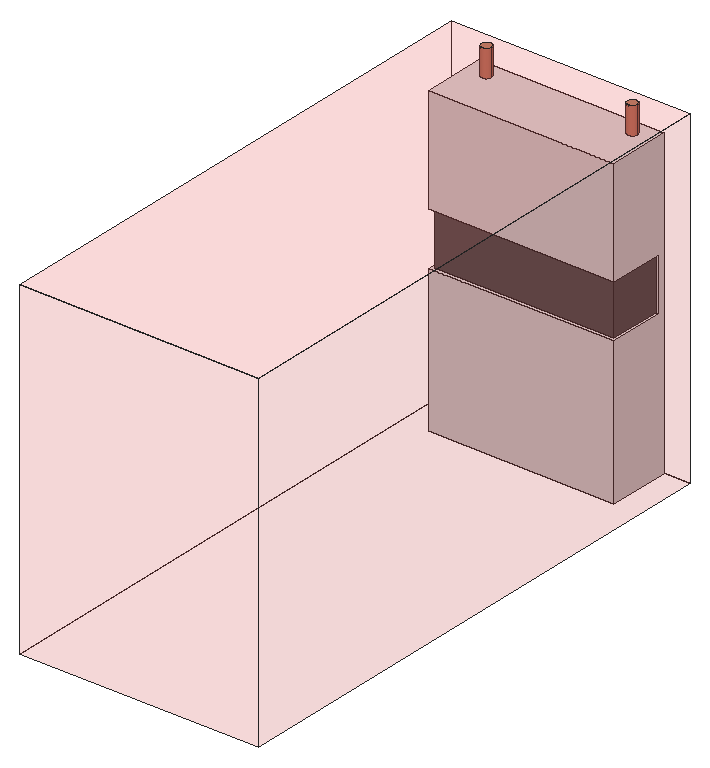
Revit family
Parameters (values of type "HL050/280D")
  Width = 14.000"  # constant formula
  Wattage = 5000 W
  Warranty Information = "One Year"
  Voltage = 208 V
  Version = "1.0"
  URL = "http://www.bradleycorp.com/keltech"
  Technical Data = "n/a"
  Power Factor = 0
  Pipe Material = Metal - Bradley Corp - Copper
  Phase = 1
  PTFE Coating TE2 [instance] = no
  NEMA 4X N4X [instance] = no
  Finished Floor Offset [instance] = 60.000"
  NEMA 4X Explosion Proof N4X EXP2 [instance] = no
  NEMA 4 N4 [instance] = not(or(NEMA 4X N4X, NEMA 4X Explosion Proof N4X EXP2))  # yes
  NEMA 4 Explosion Proof N4 EXP2 [instance] = no
  Model = "C2N183/480D"
  MasterFormat Title = "Instantaneous Electric Eyewash Heaters"
  MasterFormat Number = "22.45.26"
  Manufacturer = "Keltech Inc. a Subsidiary of Bradley Corp"
  Industry Standards = "CSA"
  Hot Water Outlet Radius = Hot Water Outlet Diameter / 2  # 0.375"
  Number of Poles = 1
  Length = 23.000"
  Clearance Space [instance] = yes
  CTRL Width = 14.000"  # constant formula
  CTRL NEMA 4X N4X [instance] = or(NEMA 4X N4X, NEMA 4X Explosion Proof N4X EXP2)  # no
  CTRL Inlet Top Inset = 26.000"
  Hot Water Outlet Diameter = 3/4"
  Hot Water Connector Description = "Hot Water"  # constant formula
  Fire Rating = "n/a"
  Description = "One Phase 18 kW, 480V"
  Copyright = "This Model Data is Property of Bradley Corporation"
  Complies to NAFTA = "n/a"
  Cold Water Inlet Radius = Cold Water Inlet / 2  # 0.375"
  Housing Material = Metal - Painted - Bradley Corp - Grey
  Electrical Connector Front Inset [instance] = 1.500"  # constant formula
  Electrical Connector Right Inset [instance] = 1.300"  # constant formula
  Electrical Connector Description = "Power"  # constant formula
  Depth = 4.700"  # constant formula
  Current = 25 A
  Cold Water Inlet = 3/4"
  Cold Water Connector Description = "Cold Water"  # constant formula
  CTRL Cabinet Height = 22.500"
  CTRL Offset [instance] = Finished Floor Offset  # 60.000"
  Buy American Act = "To Be Determined"
  Assembly Description = "Tankless Water Heater"
  Assembly Code = "D2020200"
  Apparent Load = 0 VA
  Actual Heating Water Flow = 0 GPM
  Actual Chilled Water Flow = 0 GPM
  4 20mA Imput D1 [instance] = no
  .25 GPM Low FLow L25 [instance] = no
  .15 GPM Low FLow L15 [instance] = no
Reference planes (in)
  plane 1 "Center (Front/Back)": y = 0
  plane 2 "Original Bottom": z = 0
  plane 3 "Center (Left/Right)": x = 0
  plane 4 "Left": x = -7
  plane 5 "Right": x = 7
  plane 6 "Back": y = 2.35
  plane 7 "Front": y = -2.35
  plane 8 "Top": z = 60
  plane 9 "Bottom of Basse": z = 37
  plane 10 "Back of Door": y = 1.85
  plane 11 "Outlet Front / Back": y = 1.25
  plane 12 "Outlet Left / Right": x = -5.5
  plane 13 "Inlet Front Back": y = 1.25
  plane 14 "Electrical Connector Left Right": x = 5.7
  plane 15 "NPT Inlet": x = 5.5
  plane 16 "Top of Control Panel": z = 52
  plane 17 "Bottom of Control Panel": z = 48
  plane 18 "Left of Control Panel": x = -5
  plane 19 "Right of Control Panel": x = 1.466
  plane 20 "Left of Void": x = -6.5
  plane 21 "Front of Void": y = -1.85
  plane 22 "Right of Void": x = 6.5
  plane 23 "Clerance Left": x = -9
  plane 24 "Clerance Rgiht": x = 9
  plane 25 "Clerance Front": y = -38.35
  plane 26 "Clerance Back": y = 2.35
  plane 27 "Clerance Top": z = 62
  plane 28 "Electrical Connector Front Back": y = -0.85
Forms (in)
  Extrusion 1, solid, material "Metal - Bradley Corp - Copper" <- "Pipe Material", detail levels fine
    sketch origin (0, 0, 0) x (1, 0, 0) y (0, 1, 0)
      loop
        circle (-5.5, 1.25) r 0.375
    from 60 to 62.00036
  Sweep 2, solid, material "Metal - Bradley Corp - Stainless Steel-Satin", visible <- "CTRL NEMA 4X N4X"
    path origin (0, 0, 0) x (1, 0, 0) y (0, 1, 0)
      loop
        line (0, 2.35) -> (0, -2.35)
    profile origin (0, 0, 0) x (1, 0, 0) y (0, 0, 1)
      loop
        line (7, 60) -> (-7, 60) -> (-7, 37) -> (7, 37) -> (7, 60)
  Extrusion 3, solid, material "Metal - Bradley Corp - Copper" <- "Pipe Material", detail levels fine
    sketch origin (0, 0, 0) x (1, 0, 0) y (0, 1, 0)
      loop
        circle (5.5, 1.25) r 0.375
    from 60 to 62.00036
  Extrusion 4, solid, material "Metal - Painted - Bradley Corp - White", visible <- "NEMA 4 N4"
    sketch origin (0, 0, 0) x (1, 0, 0) y (0, 1, 0)
      loop
        line (7, 2.35) -> (-7, 2.35) -> (-7, -2.35) -> (7, -2.35) -> (7, 2.35)
    from 37 to 60
  Extrusion 5, solid, material "Plastic - Bradley Corp - Black", detail levels fine
    sketch origin (0, 0, 0) x (1, 0, 0) y (0, 1, 0)
      loop
        line (-6.75, 1.85) -> (-6.75, -2.1) -> (6.75, -2.1) -> (6.75, 1.85) -> (6.5, 1.85) -> (6.5, -1.85) -> (-6.5, -1.85) -> (-6.5, 1.85) -> (-6.75, 1.85)
    from 48 to 52
  Extrusion 6, void
    sketch origin (0, 0, 0) x (1, 0, 0) y (0, 1, 0)
      loop
        line (-7, 1.85) -> (-7, -2.35) -> (7, -2.35) -> (7, 1.85) -> (6.5, 1.85) -> (6.5, -1.85) -> (-6.5, -1.85) -> (-6.5, 1.85) -> (-7, 1.85)
    from 48 to 52
  Extrusion 7, solid, material "Clearance Space", visible <- "Clearance Space"
    sketch origin (0, 0, 0) x (1, 0, 0) y (0, 1, 0)
      loop
        line (9, 2.35) -> (-9, 2.35) -> (-9, -38.35) -> (9, -38.35) -> (9, 2.35)
    from 37 to 62
  Extrusion 8, solid, material "Metal - Bradley Corp - Copper", not visible
    sketch origin (0, 0, 0) x (1, 0, 0) y (0, 1, 0)
      loop
        circle (5.7, -0.85) r 0.65
    from 37 to 37.96261
Cuts and joins
  Extrusion 6 cuts Extrusion 4
  Extrusion 6 cuts Sweep 2
Lines and regions (in)
  Masking region 1
    outline origin (0, 0, 60) x (-1, 0, 0) y (0, -1, 0)
      loop
        line (-7, -2.35) -> (7, -2.35) -> (7, 2.35) -> (-7, 2.35) -> (-7, -2.35)
  Masking region 2
    outline origin (0, -2.35, 0) x (-1, 0, 0) y (0, 0, 1)
      loop
        line (-7, 60) -> (-7, 37) -> (7, 37) -> (7, 60) -> (-7, 60)
  Masking region 3, detail levels coarse+medium
    outline origin (0, 0, 0) x (0, 1, 0) y (0, 0, 1)
      loop
        line (2.35, 60) -> (-2.35, 60) -> (-2.35, 37) -> (2.35, 37) -> (2.35, 60)
  Masking region 4, detail levels fine
    outline origin (0, 0, 0) x (0, 1, 0) y (0, 0, 1)
      loop
        line (2.35, 60) -> (-2.35, 60) -> (-2.35, 52) -> (-2.1, 52) -> (-2.1, 48) -> (-2.35, 48) -> (-2.35, 37) -> (2.35, 37) -> (2.35, 60)
  Masking region 5, detail levels fine
    outline origin (0, 0, 0) x (0, 1, 0) y (0, 0, 1)
      loop
        line (1.625, 62.00036) -> (0.875, 62.00036) -> (0.875, 60) -> (1.625, 60) -> (1.625, 62.00036)
  Masking region 6, detail levels fine
    outline origin (0, -2.35, 0) x (-1, 0, 0) y (0, 0, 1)
      loop
        line (5.125, 62.00036) -> (5.125, 60) -> (5.875, 60) -> (5.875, 62.00036) -> (5.125, 62.00036)
      loop
        line (-5.875, 62.00036) -> (-5.875, 60) -> (-5.125, 60) -> (-5.125, 62.00036) -> (-5.875, 62.00036)
  Masking region 7, detail levels fine
    outline origin (0, -2.35, 0) x (-1, 0, 0) y (0, 0, 1)
      loop
        line (5.125, 62.00036) -> (5.125, 60) -> (5.875, 60) -> (5.875, 62.00036) -> (5.125, 62.00036)
      loop
        line (-5.875, 62.00036) -> (-5.875, 60) -> (-5.125, 60) -> (-5.125, 62.00036) -> (-5.875, 62.00036)
  model lines, style "Water Heater", detail levels fine
    curve 1: line (-7, 1.85, 60) -> (7, 1.85, 60)
    curve 2: line (-7, 1.85, 60) -> (-7, 1.85, 37)
    curve 3: line (7, 1.85, 60) -> (7, 1.85, 37)
  symbolic lines, style "Water Heater", detail levels fine
    curve 4: circle (-5.5, 1.25, 60) r 0.375 normal (0, 0, 1)
    curve 5: circle (5.5, 1.25, 60) r 0.375 normal (0, 0, 1)
    curve 6: line (-7, -2.35, 48) -> (7, -2.35, 48)
    curve 7: line (7, -2.35, 52) -> (-7, -2.35, 52)
    curve 8: line (0, 1.85, 52) -> (0, -2.35, 52)
    curve 9: line (0, -2.35, 48) -> (0, 1.85, 48)
    curve 10: line (0, 1.85, 48) -> (0, 1.85, 52)
  model lines, style "Water Heater", detail levels coarse+medium
    curve 11: line (5.5, 1.25, 60) -> (5.5, 1.25, 62.00036)
    curve 12: line (-5.5, 1.25, 60) -> (-5.5, 1.25, 62.00036)
  symbolic lines, style "Clearance Space", visible <- "Clearance Space"
    curve 13: line (9, -2.35, 62) -> (-9, -2.35, 62)
    curve 14: line (9, -2.35, 37) -> (9, -2.35, 62)
    curve 15: line (-9, -2.35, 37) -> (9, -2.35, 37)
    curve 16: line (-9, -2.35, 62) -> (-9, -2.35, 37)
    curve 17: line (0, 2.35, 62) -> (0, -38.35, 62)
    curve 18: line (0, 2.35, 37) -> (0, 2.35, 62)
    curve 19: line (0, -38.35, 37) -> (0, 2.35, 37)
    curve 20: line (0, -38.35, 62) -> (0, -38.35, 37)
    curve 21: line (9, 2.35, 0) -> (-9, 2.35, 0)
    curve 22: line (9, -38.35, 0) -> (9, 2.35, 0)
    curve 23: line (-9, -38.35, 0) -> (9, -38.35, 0)
    curve 24: line (-9, 2.35, 0) -> (-9, -38.35, 0)
Dimensions and locks (in)
  equal spacing: plane 4 "Left", plane 3 "Center (Left/Right)", plane 5 "Right"
  "CTRL Width": plane 4 "Left" to plane 5 "Right"
  "Depth": plane 6 "Back" to plane 7 "Front"
  locked: plane 6 "Back" to plane 11 "Outlet Front / Back" at 1.1
  locked: Extrusion 1 to plane 8 "Top" at 2.00036
  "Electrical Connector Right Inset": plane 14 "Electrical Connector Left Right" to plane 5 "Right"
  "Length": plane 8 "Top" to plane 9 "Bottom of Basse"
  equal spacing: plane 7 "Front", plane 1 "Center (Front/Back)", plane 6 "Back"
  plane 4 "Left" to plane 18 "Left of Control Panel" = 2.000"
  locked: plane 18 "Left of Control Panel" to plane 19 "Right of Control Panel" at 6.466
  locked: plane 16 "Top of Control Panel" to plane 17 "Bottom of Control Panel" at 4
  locked: plane 8 "Top" to plane 16 "Top of Control Panel" at 8
  "Finished Floor Offset": plane 8 "Top" to plane 2 "Original Bottom"
  equal spacing: plane 12 "Outlet Left / Right", plane 3 "Center (Left/Right)", plane 15 "NPT Inlet"
  locked: plane 12 "Outlet Left / Right" to plane 15 "NPT Inlet" at 11
  locked: Extrusion 3 to plane 8 "Top" at 2.00036
  locked: plane 6 "Back" to plane 13 "Inlet Front Back" at 1.1
  plane 6 "Back" to plane 10 "Back of Door" = 0.500"
  locked: plane 4 "Left" to plane 20 "Left of Void" at 0.5
  locked: plane 22 "Right of Void" to plane 5 "Right" at 0.5
  locked: plane 7 "Front" to plane 21 "Front of Void" at 0.5
  locked: plane 21 "Front of Void" to Extrusion 5 sketch curve at 0.25
  locked: plane 22 "Right of Void" to Extrusion 5 sketch curve at 0.25
  locked: Extrusion 5 sketch curve to plane 20 "Left of Void" at 0.25
  locked: Masking region 4 sketch curve to plane 21 "Front of Void" at 0.25
  locked: Masking region 5 sketch curve to plane 8 "Top" at 2.00036
  equal spacing: Masking region 5 sketch curve, plane 13 "Inlet Front Back", Masking region 5 sketch curve
  "Cold Water Inlet Radius": Masking region 5 sketch curve to plane 13 "Inlet Front Back"
  locked: Masking region 6 sketch curve to plane 8 "Top" at 2.00036  (x2)
  "Hot Water Outlet Radius": Masking region 6 sketch curve to plane 12 "Outlet Left / Right"
  equal spacing: Masking region 6 sketch curve, plane 12 "Outlet Left / Right", Masking region 6 sketch curve
  equal spacing: Masking region 6 sketch curve, plane 15 "NPT Inlet", Masking region 6 sketch curve
  "Cold Water Inlet Radius": Masking region 6 sketch curve to plane 15 "NPT Inlet"
  locked: plane 23 "Clerance Left" to plane 4 "Left" at 2
  locked: plane 5 "Right" to plane 24 "Clerance Rgiht" at 2
  locked: plane 26 "Clerance Back" to plane 6 "Back"
  locked: plane 25 "Clerance Front" to plane 7 "Front" at 36
  locked: plane 27 "Clerance Top" to plane 8 "Top" at 2
  locked: Masking region 7 sketch curve to plane 8 "Top" at 2.00036  (x2)
  equal spacing: Masking region 7 sketch curve, plane 12 "Outlet Left / Right", Masking region 7 sketch curve
  equal spacing: Masking region 7 sketch curve, plane 15 "NPT Inlet", Masking region 7 sketch curve
  "Hot Water Outlet Radius": Masking region 7 sketch curve to plane 12 "Outlet Left / Right"
  "Cold Water Inlet Radius": Masking region 7 sketch curve to plane 15 "NPT Inlet"
  "Electrical Connector Front Inset": plane 7 "Front" to plane 28 "Electrical Connector Front Back"
  locked: Extrusion 8 to plane 9 "Bottom of Basse" at 0.96261
  "Hot Water Outlet Radius": radius of Extrusion 1 sketch curve
  "Cold Water Inlet Radius": radius of Extrusion 3 sketch curve
  "Hot Water Outlet Radius": radius of curve 4
  "Cold Water Inlet Radius": radius of curve 5
  radius of Extrusion 8 sketch curve = 0.650"
  aligned and locked: level to plane 2 "Original Bottom"
  aligned and locked: plane 12 "Outlet Left / Right" to Extrusion 1 sketch curve
  aligned and locked: plane 11 "Outlet Front / Back" to Extrusion 1 sketch curve
  aligned and locked: Extrusion 1 to plane 8 "Top"
  aligned and locked: plane 6 "Back" to Sweep 2 sketch curve
  aligned and locked: plane 7 "Front" to Sweep 2 sketch curve
  aligned and locked: Sweep 2 sketch curve to plane 3 "Center (Left/Right)"
  aligned and locked: Sweep 2 sketch curve to plane 9 "Bottom of Basse"
  aligned and locked: plane 8 "Top" to Sweep 2 sketch curve
  aligned and locked: Sweep 2 sketch curve to plane 5 "Right"
  aligned and locked: Sweep 2 sketch curve to plane 4 "Left"
  aligned and locked: plane 15 "NPT Inlet" to Extrusion 3 sketch curve
  aligned and locked: plane 13 "Inlet Front Back" to Extrusion 3 sketch curve
  aligned and locked: Extrusion 3 to plane 8 "Top"
  aligned and locked: Extrusion 4 sketch curve to plane 5 "Right"
  aligned and locked: plane 7 "Front" to Extrusion 4 sketch curve
  aligned and locked: Extrusion 4 sketch curve to plane 4 "Left"
  aligned and locked: plane 6 "Back" to Extrusion 4 sketch curve
  aligned and locked: Extrusion 4 to plane 9 "Bottom of Basse"
  aligned and locked: plane 8 "Top" to Extrusion 4
  aligned and locked: plane 10 "Back of Door" to curve 1
  aligned and locked: plane 9 "Bottom of Basse" to curve 2
  aligned and locked: plane 9 "Bottom of Basse" to curve 3
  aligned and locked: plane 8 "Top" to curve 3
  aligned and locked: plane 8 "Top" to curve 2
  aligned and locked: plane 10 "Back of Door" to curve 2
  aligned and locked: plane 10 "Back of Door" to curve 3
  aligned and locked: plane 10 "Back of Door" to Extrusion 5 sketch curve  (x2)
  aligned and locked: Extrusion 5 sketch curve to plane 22 "Right of Void"
  aligned and locked: plane 21 "Front of Void" to Extrusion 5 sketch curve
  aligned and locked: plane 16 "Top of Control Panel" to Extrusion 5
  aligned and locked: Extrusion 5 to plane 17 "Bottom of Control Panel"
  aligned and locked: plane 6 "Back" to Masking region 1 sketch curve
  aligned and locked: Masking region 1 sketch curve to plane 5 "Right"
  aligned and locked: plane 7 "Front" to Masking region 1 sketch curve
  aligned and locked: Masking region 1 sketch curve to plane 4 "Left"
  aligned and locked: plane 13 "Inlet Front Back" to curve 4
  aligned and locked: plane 13 "Inlet Front Back" to curve 5
  aligned and locked: plane 15 "NPT Inlet" to curve 5
  aligned and locked: plane 12 "Outlet Left / Right" to curve 4
  aligned and locked: plane 8 "Top" to Masking region 2 sketch curve
  aligned and locked: Masking region 2 sketch curve to plane 5 "Right"
  aligned and locked: Masking region 2 sketch curve to plane 9 "Bottom of Basse"
  aligned and locked: Masking region 2 sketch curve to plane 4 "Left"
  aligned and locked: Masking region 3 sketch curve to plane 9 "Bottom of Basse"
  aligned and locked: plane 6 "Back" to Masking region 3 sketch curve
  aligned and locked: plane 8 "Top" to Masking region 3 sketch curve
  aligned and locked: plane 7 "Front" to Masking region 3 sketch curve
  aligned and locked: plane 16 "Top of Control Panel" to Masking region 4 sketch curve
  aligned and locked: Masking region 4 sketch curve to plane 17 "Bottom of Control Panel"
  aligned and locked: Masking region 4 sketch curve to plane 9 "Bottom of Basse"
  aligned and locked: plane 6 "Back" to Masking region 4 sketch curve
  aligned and locked: plane 8 "Top" to Masking region 4 sketch curve
  aligned and locked: plane 7 "Front" to Masking region 4 sketch curve  (x2)
  aligned and locked: Masking region 5 sketch curve to plane 8 "Top"
  aligned and locked: Extrusion 3 to curve 11
  aligned and locked: Extrusion 1 to curve 12
  aligned and locked: plane 13 "Inlet Front Back" to curve 11
  aligned and locked: plane 13 "Inlet Front Back" to curve 12
  aligned and locked: Masking region 6 sketch curve to plane 8 "Top"  (x2)
  aligned and locked: plane 4 "Left" to Extrusion 6 sketch curve
  aligned and locked: plane 10 "Back of Door" to Extrusion 6 sketch curve  (x2)
  aligned and locked: plane 5 "Right" to Extrusion 6 sketch curve
  aligned and locked: Extrusion 6 sketch curve to plane 22 "Right of Void"
  aligned and locked: Extrusion 6 sketch curve to plane 20 "Left of Void"
  aligned and locked: plane 21 "Front of Void" to Extrusion 6 sketch curve
  aligned and locked: Extrusion 6 sketch curve to plane 7 "Front"
  aligned and locked: plane 16 "Top of Control Panel" to Extrusion 6
  aligned and locked: Extrusion 6 to plane 17 "Bottom of Control Panel"
  aligned and locked: Extrusion 7 sketch curve to plane 23 "Clerance Left"
  aligned and locked: plane 26 "Clerance Back" to Extrusion 7 sketch curve
  aligned and locked: Extrusion 7 sketch curve to plane 24 "Clerance Rgiht"
  aligned and locked: plane 25 "Clerance Front" to Extrusion 7 sketch curve
  aligned and locked: Extrusion 7 to plane 9 "Bottom of Basse"
  aligned and locked: plane 27 "Clerance Top" to Extrusion 7
  aligned and locked: curve 14 to plane 24 "Clerance Rgiht"
  aligned and locked: plane 27 "Clerance Top" to curve 13
  aligned and locked: curve 16 to plane 23 "Clerance Left"
  aligned and locked: curve 15 to plane 9 "Bottom of Basse"
  aligned and locked: plane 27 "Clerance Top" to curve 17
  aligned and locked: plane 26 "Clerance Back" to curve 18
  aligned and locked: curve 19 to plane 9 "Bottom of Basse"
  aligned and locked: plane 25 "Clerance Front" to curve 20
  aligned and locked: plane 26 "Clerance Back" to curve 21
  aligned and locked: curve 22 to plane 24 "Clerance Rgiht"
  aligned and locked: plane 25 "Clerance Front" to curve 23
  aligned and locked: curve 24 to plane 23 "Clerance Left"
  aligned and locked: Masking region 7 sketch curve to plane 8 "Top"  (x2)
  aligned and locked: plane 28 "Electrical Connector Front Back" to Extrusion 8 sketch curve
  aligned and locked: plane 14 "Electrical Connector Left Right" to Extrusion 8 sketch curve
  aligned and locked: Extrusion 8 to plane 9 "Bottom of Basse"
Automatic sketch dimensions
  curve 1 to plane 5 "Right" = 0.000"
  curve 1 to plane 4 "Left" = 0.000"
  Extrusion 5 sketch curve to plane 20 "Left of Void" = 0.000"
  plane 10 "Back of Door" to curve 1 = 0.000"
  curve 11 to plane 8 "Top" = 0.000"
  curve 12 to plane 8 "Top" = 0.000"
  plane 5 "Right" to curve 7 = 0.000"
  plane 5 "Right" to curve 6 = 0.000"
  curve 6 to plane 4 "Left" = 0.000"
  curve 7 to plane 4 "Left" = 0.000"
  curve 6 to plane 17 "Bottom of Control Panel" = 0.000"
  curve 7 to plane 16 "Top of Control Panel" = 0.000"
  curve 8 to plane 7 "Front" = 0.000"
  curve 9 to plane 7 "Front" = 0.000"
  curve 9 to plane 10 "Back of Door" = 0.000"
  curve 9 to plane 17 "Bottom of Control Panel" = 0.000"
  curve 8 to plane 16 "Top of Control Panel" = 0.000"
  curve 23 to plane 24 "Clerance Rgiht" = 0.000"
Connectors (in)
  piping at (-5.5, 1.25, 62.00036), driven by "Actual Heating Water Flow", driven by "Hot Water Outlet Radius", driven by "Hot Water Connector Description"
    settings: on Extrusion 1, index 2, connector radius 3/8", flow factor 0, pipe flow 0 GPM, pressure drop 0.00 psi, fitting loss kfactor 0, connector angle 0.00°, fixture units 0, flow configuration 0, flow direction 2, fitting loss method 0, system type 19, connector reference index -1, connector utility 0, adjustable connector no, is connector primary yes, fitting loss table "", connector description "Hot Water"
  piping at (5.5, 1.25, 62.00036), driven by "Actual Chilled Water Flow", driven by "Cold Water Inlet Radius", driven by "Cold Water Connector Description"
    settings: on Extrusion 3, index 3, connector radius 3/8", flow factor 0, pipe flow 0 GPM, pressure drop 0.00 psi, fitting loss kfactor 0, connector angle 0.00°, fixture units 0, flow configuration 0, flow direction 1, fitting loss method 0, system type 7, connector reference index -1, connector utility 0, adjustable connector no, is connector primary no, fitting loss table "", connector description "Cold Water"
  electrical at (5.7, -0.85, 37), driven by "Number of Poles", driven by "Voltage", driven by "Apparent Load", driven by "Power Factor", driven by "Electrical Connector Description"
    settings: on Extrusion 8, index 4, voltage 208 V, apparent load 0 VA, apparent load phase1 0 VA, apparent load phase2 0 VA, apparent load phase3 0 VA, power factor 0, load classification "Other", number of poles 1, system type 30, power factor state 1, is connector primary yes, connector utility no, sub classification motor no, connector description "Power"
